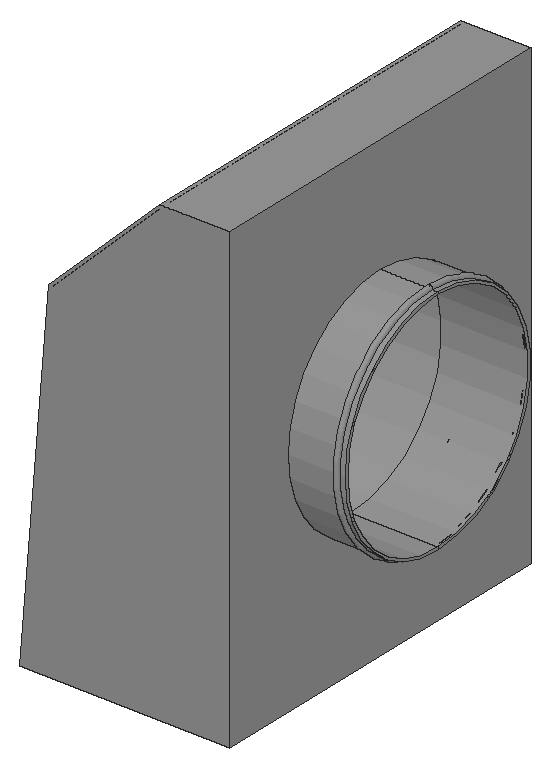
Revit family "ВЦН_ЕС", category Mechanical Equipment, Revit 2021 (continued)
Dimensions and locks
  "B1": cut or joined group 1 (Extrusion 1, Extrusion 2, Extrusion 3, Extrusion 4, Extrusion 5, Extrusion 6, Extrusion 7, Extrusion 8, Extrusion 9, Extrusion 10, Extrusion 11, Extrusion 13, Extrusion 14, Extrusion 15, Extrusion 16, Extrusion 17, Extrusion 18, Extrusion 19, Extrusion 20, Extrusion 21, Extrusion 22, Extrusion 23, Extrusion 24, Extrusion 25, Extrusion 26, Extrusion 27, Extrusion 28, Extrusion 29, Extrusion 30, Extrusion 31, Extrusion 32, Extrusion 33, Extrusion 34, Extrusion 35, Extrusion 36, Extrusion 37, Extrusion 38, Extrusion 39, Extrusion 40, Extrusion 41, Extrusion 42, Extrusion 43, Extrusion 44, Extrusion 45, Extrusion 46, Extrusion 47, Extrusion 48, Extrusion 49, Extrusion 50, Extrusion 51, Extrusion 52, Extrusion 53, Extrusion 54, Extrusion 55, Extrusion 56, Extrusion 57, Extrusion 58, Extrusion 59, Extrusion 60, Extrusion 61, Extrusion 62, Extrusion 63, Extrusion 64, Extrusion 65, Extrusion 66, Extrusion 67, Extrusion 68, Extrusion 69, Extrusion 70, Extrusion 71, Extrusion 72, Extrusion 73, Extrusion 74, Extrusion 75, Extrusion 76, Extrusion 77, Extrusion 78, Extrusion 79, Extrusion 80, Extrusion 81, Extrusion 82, Extrusion 83, Extrusion 85, Extrusion 86, Extrusion 87, Extrusion 88, Extrusion 89, Extrusion 90, Extrusion 91, Extrusion 92, Extrusion 93, Extrusion 94, Extrusion 95, Extrusion 96, Extrusion 97, Extrusion 98, Extrusion 99, Extrusion 100, Extrusion 101, Extrusion 102, Extrusion 103, Extrusion 104, Extrusion 105, Extrusion 106, Extrusion 107, Extrusion 108, Extrusion 109, Extrusion 110, Extrusion 111, Extrusion 112, Extrusion 113, Extrusion 114, Extrusion 115, Extrusion 116, Extrusion 117, Extrusion 118, Extrusion 119, Extrusion 120, Extrusion 121, Extrusion 122, Extrusion 123, Extrusion 124, Extrusion 125, Extrusion 126, Extrusion 127, Extrusion 128, Extrusion 129, Extrusion 130, Extrusion 131, Extrusion 132, Extrusion 133, Extrusion 134, Extrusion 135, Extrusion 136, Extrusion 137, Extrusion 138, Extrusion 139, Extrusion 140, Extrusion 141, Extrusion 142, Extrusion 143, Extrusion 144, Extrusion 145, Extrusion 146, Extrusion 147, Extrusion 148, Extrusion 149, Extrusion 152, Extrusion 153, Extrusion 154, Extrusion 155, Extrusion 156, Extrusion 157, Extrusion 158, Extrusion 159, Extrusion 160, Extrusion 161, Extrusion 162, Extrusion 163, Extrusion 164, Extrusion 165, Extrusion 166, Extrusion 167, Extrusion 168, Extrusion 169, Extrusion 170, Extrusion 171, Extrusion 172, Extrusion 173, Extrusion 174, Extrusion 175, Extrusion 176, Extrusion 177, Extrusion 178, Extrusion 179, Extrusion 180, Extrusion 181, Extrusion 182, Extrusion 183, Extrusion 184, Extrusion 185, Extrusion 186, Extrusion 187, Extrusion 188, Extrusion 189, Extrusion 190, Extrusion 191, Extrusion 192, Extrusion 193, Extrusion 194, Extrusion 195, Extrusion 196, Extrusion 197, Extrusion 198, Extrusion 199) to cut or joined group 1
  equal spacing: group 1, group 2, group 3, group 4, group 5, group 6, group 7, group 8, group 9, group 164, group 165, group 166  (x3)
  equal spacing: group 12, group 13, group 14, group 15, group 16, group 17, group 18, group 19, group 20, group 167, group 168, group 169  (x3)
  equal spacing: group 10, group 21, group 31, group 41, group 51, group 61, group 71, group 81  (x3)
  equal spacing: group 22, group 23, group 24, group 25, group 26, group 27, group 28, group 29, group 30, group 170, group 171, group 172  (x3)
  equal spacing: group 32, group 33, group 34, group 35, group 36, group 37, group 38, group 39, group 40, group 173, group 174, group 175  (x3)
  equal spacing: group 42, group 43, group 44, group 45, group 46, group 47, group 48, group 49, group 50, group 176, group 177, group 178  (x3)
  equal spacing: group 52, group 53, group 54, group 55, group 56, group 57, group 58, group 59, group 60, group 179, group 180, group 181  (x3)
  equal spacing: group 62, group 63, group 64, group 65, group 66, group 67, group 68, group 69, group 70, group 182, group 183, group 184  (x3)
  equal spacing: group 72, group 73, group 74, group 75, group 76, group 77, group 78, group 79, group 80, group 185, group 186, group 187  (x3)
  equal spacing: group 82, group 83, group 84, group 85, group 86, group 87, group 88, group 89  (x3)
  equal spacing: group 92, group 93, group 94, group 95, group 96, group 97, group 98, group 99  (x3)
  equal spacing: group 90, group 100, group 109, group 118, group 127, group 136, group 145, group 154, group 163, group 196, group 205, group 214  (x2)
  equal spacing: group 214, group 205, group 196, group 163, group 154, group 145, group 136, group 127, group 118, group 109, group 100, group 90
  equal spacing: group 101, group 102, group 103, group 104, group 105, group 106, group 107, group 108  (x3)
  equal spacing: group 110, group 111, group 112, group 113, group 114, group 115, group 116, group 117  (x3)
  equal spacing: group 119, group 120, group 121, group 122, group 123, group 124, group 125, group 126  (x3)
  equal spacing: group 128, group 129, group 130, group 131, group 132, group 133, group 134, group 135  (x3)
  equal spacing: group 137, group 138, group 139, group 140, group 141, group 142, group 143, group 144  (x3)
  equal spacing: group 146, group 147, group 148, group 149, group 150, group 151, group 152, group 153  (x3)
  equal spacing: group 155, group 156, group 157, group 158, group 159, group 160, group 161, group 162  (x3)
  "h": plane 6 to level
  locked: Revolve 150 sketch curve to Revolve 150 sketch curve at 2  (x4)
  "R": plane 6 to Revolve 150 sketch curve
  "L2": plane 3 "По центру (Влево/Вправо)" to Revolve 150 sketch curve
  locked: Revolve 150 sketch curve to plane 3 "По центру (Влево/Вправо)" at 50
  locked: plane 3 "По центру (Влево/Вправо)" to Revolve 150 sketch curve at 40
  locked: plane 6 to Revolve 150 sketch curve at 30
  "R1": plane 6 to Revolve 150 sketch curve
  locked: nested 1 to plane 3 "По центру (Влево/Вправо)" at 2
  Revolve 151 sketch curve to Revolve 151 sketch curve = 5 mm
  Revolve 151 sketch curve to plane 3 "По центру (Влево/Вправо)" = 40 mm
  "R": Revolve 151 sketch curve to plane 6
  "b1": nested 1 to plane 1 "По центру (Вперед/Назад)"
  equal spacing: group 188, group 189, group 190, group 191, group 192, group 193, group 194, group 195  (x3)
  equal spacing: group 197, group 198, group 199, group 200, group 201, group 202, group 203, group 204  (x3)
  equal spacing: group 206, group 207, group 208, group 209, group 210, group 211, group 212, group 213  (x3)
  "D": diameter of Extrusion 149 sketch curve
  locked: plane 5 to Extrusion 1 sketch curve (angle 45.00°)
  aligned and locked: level to plane 2
  aligned and locked: plane 6 to Revolve 150 sketch curve
Automatic sketch dimensions
  Extrusion 3 sketch curve to Extrusion 3 sketch curve = 10 mm  (x2)
  Extrusion 4 sketch curve to Extrusion 4 sketch curve = 10 mm  (x2)
  Extrusion 5 sketch curve to Extrusion 5 sketch curve = 10 mm  (x2)
  Extrusion 6 sketch curve to Extrusion 6 sketch curve = 10 mm  (x2)
  Extrusion 7 sketch curve to Extrusion 7 sketch curve = 10 mm  (x2)
  Extrusion 8 sketch curve to Extrusion 8 sketch curve = 10 mm  (x2)
  Extrusion 9 sketch curve to Extrusion 9 sketch curve = 10 mm  (x2)
  Extrusion 10 sketch curve to Extrusion 10 sketch curve = 10 mm  (x2)
  Extrusion 11 sketch curve to Extrusion 11 sketch curve = 10 mm  (x2)
  Extrusion 12 sketch curve to Extrusion 12 sketch curve = 10 mm  (x2)
  Extrusion 13 sketch curve to Extrusion 13 sketch curve = 10 mm  (x2)
  Extrusion 14 sketch curve to Extrusion 14 sketch curve = 10 mm  (x2)
  Extrusion 15 sketch curve to Extrusion 15 sketch curve = 10 mm  (x2)
  Extrusion 16 sketch curve to Extrusion 16 sketch curve = 10 mm  (x2)
  Extrusion 17 sketch curve to Extrusion 17 sketch curve = 10 mm  (x2)
  Extrusion 18 sketch curve to Extrusion 18 sketch curve = 10 mm  (x2)
  Extrusion 19 sketch curve to Extrusion 19 sketch curve = 10 mm  (x2)
  Extrusion 20 sketch curve to Extrusion 20 sketch curve = 10 mm  (x2)
  Extrusion 21 sketch curve to Extrusion 21 sketch curve = 10 mm  (x2)
  Extrusion 22 sketch curve to Extrusion 22 sketch curve = 10 mm  (x2)
  Extrusion 23 sketch curve to Extrusion 23 sketch curve = 10 mm  (x2)
  Extrusion 24 sketch curve to Extrusion 24 sketch curve = 10 mm  (x2)
  Extrusion 25 sketch curve to Extrusion 25 sketch curve = 10 mm  (x2)
  Extrusion 26 sketch curve to Extrusion 26 sketch curve = 10 mm  (x2)
  Extrusion 27 sketch curve to Extrusion 27 sketch curve = 10 mm  (x2)
  Extrusion 28 sketch curve to Extrusion 28 sketch curve = 10 mm  (x2)
  Extrusion 29 sketch curve to Extrusion 29 sketch curve = 10 mm  (x2)
  Extrusion 30 sketch curve to Extrusion 30 sketch curve = 10 mm  (x2)
  Extrusion 31 sketch curve to Extrusion 31 sketch curve = 10 mm  (x2)
  Extrusion 32 sketch curve to Extrusion 32 sketch curve = 10 mm  (x2)
  Extrusion 33 sketch curve to Extrusion 33 sketch curve = 10 mm  (x2)
  Extrusion 34 sketch curve to Extrusion 34 sketch curve = 10 mm  (x2)
  Extrusion 35 sketch curve to Extrusion 35 sketch curve = 10 mm  (x2)
  Extrusion 36 sketch curve to Extrusion 36 sketch curve = 10 mm  (x2)
  Extrusion 37 sketch curve to Extrusion 37 sketch curve = 10 mm  (x2)
  Extrusion 38 sketch curve to Extrusion 38 sketch curve = 10 mm  (x2)
  Extrusion 39 sketch curve to Extrusion 39 sketch curve = 10 mm  (x2)
  Extrusion 40 sketch curve to Extrusion 40 sketch curve = 10 mm  (x2)
  Extrusion 41 sketch curve to Extrusion 41 sketch curve = 10 mm  (x2)
  Extrusion 42 sketch curve to Extrusion 42 sketch curve = 10 mm  (x2)
  Extrusion 43 sketch curve to Extrusion 43 sketch curve = 10 mm  (x2)
  Extrusion 44 sketch curve to Extrusion 44 sketch curve = 10 mm  (x2)
  Extrusion 45 sketch curve to Extrusion 45 sketch curve = 10 mm  (x2)
  Extrusion 46 sketch curve to Extrusion 46 sketch curve = 10 mm  (x2)
  Extrusion 47 sketch curve to Extrusion 47 sketch curve = 10 mm  (x2)
  Extrusion 48 sketch curve to Extrusion 48 sketch curve = 10 mm  (x2)
  Extrusion 49 sketch curve to Extrusion 49 sketch curve = 10 mm  (x2)
  Extrusion 50 sketch curve to Extrusion 50 sketch curve = 10 mm  (x2)
  Extrusion 51 sketch curve to Extrusion 51 sketch curve = 10 mm  (x2)
  Extrusion 52 sketch curve to Extrusion 52 sketch curve = 10 mm  (x2)
  Extrusion 53 sketch curve to Extrusion 53 sketch curve = 10 mm  (x2)
  Extrusion 54 sketch curve to Extrusion 54 sketch curve = 10 mm  (x2)
  Extrusion 55 sketch curve to Extrusion 55 sketch curve = 10 mm  (x2)
  Extrusion 56 sketch curve to Extrusion 56 sketch curve = 10 mm  (x2)
  Extrusion 57 sketch curve to Extrusion 57 sketch curve = 10 mm  (x2)
  Extrusion 58 sketch curve to Extrusion 58 sketch curve = 10 mm  (x2)
  Extrusion 59 sketch curve to Extrusion 59 sketch curve = 10 mm  (x2)
  Extrusion 60 sketch curve to Extrusion 60 sketch curve = 10 mm  (x2)
  Extrusion 61 sketch curve to Extrusion 61 sketch curve = 10 mm  (x2)
  Extrusion 62 sketch curve to Extrusion 62 sketch curve = 10 mm  (x2)
  Extrusion 63 sketch curve to Extrusion 63 sketch curve = 10 mm  (x2)
  Extrusion 64 sketch curve to Extrusion 64 sketch curve = 10 mm  (x2)
  Extrusion 65 sketch curve to Extrusion 65 sketch curve = 10 mm  (x2)
  Extrusion 66 sketch curve to Extrusion 66 sketch curve = 10 mm  (x2)
  Extrusion 67 sketch curve to Extrusion 67 sketch curve = 10 mm  (x2)
  Extrusion 68 sketch curve to Extrusion 68 sketch curve = 10 mm  (x2)
  Extrusion 69 sketch curve to Extrusion 69 sketch curve = 10 mm  (x2)
  Extrusion 70 sketch curve to Extrusion 70 sketch curve = 10 mm  (x2)
  Extrusion 71 sketch curve to Extrusion 71 sketch curve = 10 mm  (x2)
  Extrusion 72 sketch curve to Extrusion 72 sketch curve = 10 mm  (x2)
  Extrusion 73 sketch curve to Extrusion 73 sketch curve = 10 mm  (x2)
  Extrusion 74 sketch curve to Extrusion 74 sketch curve = 10 mm  (x2)
  Extrusion 75 sketch curve to Extrusion 75 sketch curve = 10 mm  (x2)
  Extrusion 76 sketch curve to Extrusion 76 sketch curve = 10 mm  (x2)
  Extrusion 77 sketch curve to Extrusion 77 sketch curve = 10 mm  (x2)
  Extrusion 78 sketch curve to Extrusion 78 sketch curve = 10 mm  (x2)
  Extrusion 79 sketch curve to Extrusion 79 sketch curve = 10 mm  (x2)
  Extrusion 80 sketch curve to Extrusion 80 sketch curve = 10 mm  (x2)
  Extrusion 81 sketch curve to Extrusion 81 sketch curve = 10 mm  (x2)
  Extrusion 82 sketch curve to Extrusion 82 sketch curve = 10 mm  (x2)
  Extrusion 83 sketch curve to Extrusion 83 sketch curve = 10 mm  (x2)
  Extrusion 84 sketch curve to Extrusion 84 sketch curve = 10 mm  (x2)
  Extrusion 85 sketch curve to Extrusion 85 sketch curve = 10 mm  (x2)
  Extrusion 86 sketch curve to Extrusion 86 sketch curve = 10 mm  (x2)
  Extrusion 87 sketch curve to Extrusion 87 sketch curve = 10 mm  (x2)
  Extrusion 88 sketch curve to Extrusion 88 sketch curve = 10 mm  (x2)
  Extrusion 89 sketch curve to Extrusion 89 sketch curve = 10 mm  (x2)
  Extrusion 90 sketch curve to Extrusion 90 sketch curve = 10 mm  (x2)
  Extrusion 91 sketch curve to Extrusion 91 sketch curve = 10 mm  (x2)
  Extrusion 92 sketch curve to Extrusion 92 sketch curve = 10 mm  (x2)
  Extrusion 93 sketch curve to Extrusion 93 sketch curve = 10 mm  (x2)
  Extrusion 94 sketch curve to Extrusion 94 sketch curve = 10 mm  (x2)
  Extrusion 95 sketch curve to Extrusion 95 sketch curve = 10 mm  (x2)
  Extrusion 96 sketch curve to Extrusion 96 sketch curve = 10 mm  (x2)
  Extrusion 97 sketch curve to Extrusion 97 sketch curve = 10 mm  (x2)
  Extrusion 98 sketch curve to Extrusion 98 sketch curve = 10 mm  (x2)
  Extrusion 99 sketch curve to Extrusion 99 sketch curve = 10 mm  (x2)
  Extrusion 100 sketch curve to Extrusion 100 sketch curve = 10 mm  (x2)
  Extrusion 101 sketch curve to Extrusion 101 sketch curve = 10 mm  (x2)
  Extrusion 102 sketch curve to Extrusion 102 sketch curve = 10 mm  (x2)
  Extrusion 103 sketch curve to Extrusion 103 sketch curve = 10 mm  (x2)
  Extrusion 104 sketch curve to Extrusion 104 sketch curve = 10 mm  (x2)
  Extrusion 105 sketch curve to Extrusion 105 sketch curve = 10 mm  (x2)
  Extrusion 106 sketch curve to Extrusion 106 sketch curve = 10 mm  (x2)
  Extrusion 107 sketch curve to Extrusion 107 sketch curve = 10 mm  (x2)
  Extrusion 108 sketch curve to Extrusion 108 sketch curve = 10 mm  (x2)
  Extrusion 109 sketch curve to Extrusion 109 sketch curve = 10 mm  (x2)
  Extrusion 110 sketch curve to Extrusion 110 sketch curve = 10 mm  (x2)
  Extrusion 111 sketch curve to Extrusion 111 sketch curve = 10 mm  (x2)
  Extrusion 112 sketch curve to Extrusion 112 sketch curve = 10 mm  (x2)
  Extrusion 113 sketch curve to Extrusion 113 sketch curve = 10 mm  (x2)
  Extrusion 114 sketch curve to Extrusion 114 sketch curve = 10 mm  (x2)
  Extrusion 115 sketch curve to Extrusion 115 sketch curve = 10 mm  (x2)
  Extrusion 116 sketch curve to Extrusion 116 sketch curve = 10 mm  (x2)
  Extrusion 117 sketch curve to Extrusion 117 sketch curve = 10 mm  (x2)
  Extrusion 118 sketch curve to Extrusion 118 sketch curve = 10 mm  (x2)
  Extrusion 119 sketch curve to Extrusion 119 sketch curve = 10 mm  (x2)
  Extrusion 120 sketch curve to Extrusion 120 sketch curve = 10 mm  (x2)
  Extrusion 121 sketch curve to Extrusion 121 sketch curve = 10 mm  (x2)
  Extrusion 122 sketch curve to Extrusion 122 sketch curve = 10 mm  (x2)
  Extrusion 123 sketch curve to Extrusion 123 sketch curve = 10 mm  (x2)
  Extrusion 124 sketch curve to Extrusion 124 sketch curve = 10 mm  (x2)
  Extrusion 125 sketch curve to Extrusion 125 sketch curve = 10 mm  (x2)
  Extrusion 126 sketch curve to Extrusion 126 sketch curve = 10 mm  (x2)
  Extrusion 127 sketch curve to Extrusion 127 sketch curve = 10 mm  (x2)
  Extrusion 128 sketch curve to Extrusion 128 sketch curve = 10 mm  (x2)
  Extrusion 129 sketch curve to Extrusion 129 sketch curve = 10 mm  (x2)
  Extrusion 130 sketch curve to Extrusion 130 sketch curve = 10 mm  (x2)
  Extrusion 131 sketch curve to Extrusion 131 sketch curve = 10 mm  (x2)
  Extrusion 132 sketch curve to Extrusion 132 sketch curve = 10 mm  (x2)
  Extrusion 133 sketch curve to Extrusion 133 sketch curve = 10 mm  (x2)
  Extrusion 134 sketch curve to Extrusion 134 sketch curve = 10 mm  (x2)
  Extrusion 135 sketch curve to Extrusion 135 sketch curve = 10 mm  (x2)
  Extrusion 136 sketch curve to Extrusion 136 sketch curve = 10 mm  (x2)
  Extrusion 137 sketch curve to Extrusion 137 sketch curve = 10 mm  (x2)
  Extrusion 138 sketch curve to Extrusion 138 sketch curve = 10 mm  (x2)
  Extrusion 139 sketch curve to Extrusion 139 sketch curve = 10 mm  (x2)
  Extrusion 140 sketch curve to Extrusion 140 sketch curve = 10 mm  (x2)
  Extrusion 141 sketch curve to Extrusion 141 sketch curve = 10 mm  (x2)
  Extrusion 142 sketch curve to Extrusion 142 sketch curve = 10 mm  (x2)
  Extrusion 143 sketch curve to Extrusion 143 sketch curve = 10 mm  (x2)
  Extrusion 144 sketch curve to Extrusion 144 sketch curve = 10 mm  (x2)
  Extrusion 145 sketch curve to Extrusion 145 sketch curve = 10 mm  (x2)
  Extrusion 146 sketch curve to Extrusion 146 sketch curve = 10 mm  (x2)
  Extrusion 147 sketch curve to Extrusion 147 sketch curve = 10 mm  (x2)
  Extrusion 148 sketch curve to Extrusion 148 sketch curve = 10 mm  (x2)
  Extrusion 152 sketch curve to Extrusion 152 sketch curve = 10 mm  (x2)
  Extrusion 153 sketch curve to Extrusion 153 sketch curve = 10 mm  (x2)
  Extrusion 154 sketch curve to Extrusion 154 sketch curve = 10 mm  (x2)
  Extrusion 155 sketch curve to Extrusion 155 sketch curve = 10 mm  (x2)
  Extrusion 156 sketch curve to Extrusion 156 sketch curve = 10 mm  (x2)
  Extrusion 157 sketch curve to Extrusion 157 sketch curve = 10 mm  (x2)
  Extrusion 158 sketch curve to Extrusion 158 sketch curve = 10 mm  (x2)
  Extrusion 159 sketch curve to Extrusion 159 sketch curve = 10 mm  (x2)
  Extrusion 160 sketch curve to Extrusion 160 sketch curve = 10 mm  (x2)
  Extrusion 161 sketch curve to Extrusion 161 sketch curve = 10 mm  (x2)
  Extrusion 162 sketch curve to Extrusion 162 sketch curve = 10 mm  (x2)
  Extrusion 163 sketch curve to Extrusion 163 sketch curve = 10 mm  (x2)
  Extrusion 164 sketch curve to Extrusion 164 sketch curve = 10 mm  (x2)
  Extrusion 165 sketch curve to Extrusion 165 sketch curve = 10 mm  (x2)
  Extrusion 166 sketch curve to Extrusion 166 sketch curve = 10 mm  (x2)
  Extrusion 167 sketch curve to Extrusion 167 sketch curve = 10 mm  (x2)
  Extrusion 168 sketch curve to Extrusion 168 sketch curve = 10 mm  (x2)
  Extrusion 169 sketch curve to Extrusion 169 sketch curve = 10 mm  (x2)
  Extrusion 170 sketch curve to Extrusion 170 sketch curve = 10 mm  (x2)
  Extrusion 171 sketch curve to Extrusion 171 sketch curve = 10 mm  (x2)
  Extrusion 172 sketch curve to Extrusion 172 sketch curve = 10 mm  (x2)
  Extrusion 173 sketch curve to Extrusion 173 sketch curve = 10 mm  (x2)
  Extrusion 174 sketch curve to Extrusion 174 sketch curve = 10 mm  (x2)
  Extrusion 175 sketch curve to Extrusion 175 sketch curve = 10 mm  (x2)
  Extrusion 176 sketch curve to Extrusion 176 sketch curve = 10 mm  (x2)
  Extrusion 177 sketch curve to Extrusion 177 sketch curve = 10 mm  (x2)
  Extrusion 178 sketch curve to Extrusion 178 sketch curve = 10 mm  (x2)
  Extrusion 179 sketch curve to Extrusion 179 sketch curve = 10 mm  (x2)
  Extrusion 180 sketch curve to Extrusion 180 sketch curve = 10 mm  (x2)
  Extrusion 181 sketch curve to Extrusion 181 sketch curve = 10 mm  (x2)
  Extrusion 182 sketch curve to Extrusion 182 sketch curve = 10 mm  (x2)
  Extrusion 183 sketch curve to Extrusion 183 sketch curve = 10 mm  (x2)
  Extrusion 184 sketch curve to Extrusion 184 sketch curve = 10 mm  (x2)
  Extrusion 185 sketch curve to Extrusion 185 sketch curve = 10 mm  (x2)
  Extrusion 186 sketch curve to Extrusion 186 sketch curve = 10 mm  (x2)
  Extrusion 187 sketch curve to Extrusion 187 sketch curve = 10 mm  (x2)
  Extrusion 188 sketch curve to Extrusion 188 sketch curve = 10 mm  (x2)
  Extrusion 189 sketch curve to Extrusion 189 sketch curve = 10 mm  (x2)
  Extrusion 190 sketch curve to Extrusion 190 sketch curve = 10 mm  (x2)
  Extrusion 191 sketch curve to Extrusion 191 sketch curve = 10 mm  (x2)
  Extrusion 192 sketch curve to Extrusion 192 sketch curve = 10 mm  (x2)
  Extrusion 193 sketch curve to Extrusion 193 sketch curve = 10 mm  (x2)
  Extrusion 194 sketch curve to Extrusion 194 sketch curve = 10 mm  (x2)
  Extrusion 195 sketch curve to Extrusion 195 sketch curve = 10 mm  (x2)
  Extrusion 196 sketch curve to Extrusion 196 sketch curve = 10 mm  (x2)
  Extrusion 197 sketch curve to Extrusion 197 sketch curve = 10 mm  (x2)
  Extrusion 198 sketch curve to Extrusion 198 sketch curve = 10 mm  (x2)
  Extrusion 199 sketch curve to Extrusion 199 sketch curve = 10 mm  (x2)
  Extrusion 1 sketch curve to level = 0 mm
  Extrusion 1 sketch curve to plane 4 = 0 mm
  Extrusion 1 sketch curve to plane 5 = 0 mm
  Extrusion 1 sketch curve to plane 3 "По центру (Влево/Вправо)" = 0 mm
  plane 4 to Extrusion 1 sketch curve = 25.216 mm
  Extrusion 149 sketch curve to plane 1 "По центру (Вперед/Назад)" = 0 mm
  Extrusion 149 sketch curve to plane 6 = 0 mm
  Revolve 150 sketch curve to plane 6 = 0 mm
  Revolve 150 sketch curve to Revolve 150 sketch curve = 11.766 mm
  Revolve 150 sketch curve to plane 3 "По центру (Влево/Вправо)" = 25.14 mm
  Revolve 150 sketch curve to Revolve 150 sketch curve = 15.14 mm
  Revolve 150 sketch curve to Revolve 150 sketch curve = 14.86 mm
  Revolve 151 sketch curve to plane 6 = 0 mm
  plane 3 "По центру (Влево/Вправо)" to Revolve 151 sketch curve = 30 mm
  Revolve 151 sketch curve to Revolve 151 sketch curve = 15 mm
Nested families
  nested 1: "Клемная коробка" at (-2, -117, 354.5) x (0, 1, 0) z (-1, 0, 0), type "75х75"
Connectors
  electrical at (-27, -75.5, 354.5), driven by "Напруга", driven by "Установлена потужність"
    settings: on nested 1, index 1, voltage 230 V, apparent load 197.8 VA, apparent load phase1 0 VA, apparent load phase2 0 VA, apparent load phase3 0 VA, power factor 1, load classification "Двигатель", number of poles 1, system type 30, power factor state 1, is connector primary yes, connector utility no, sub classification motor no, connector description ""
  hvac at (50, 0, 200), driven by "D"
    settings: on Revolve 150, index 2, duct flow 0.0 m³/h, flow factor 0, pres drop 0.0 Pa, loss coef 0, conn angle 0.00°, conn width 304.8 mm, conn height 304.8 mm, conn diameter 200 mm, duct sys type 3, conn prof type 0, flow config 0, flow direction 1, loss method 0, conn ref index -1, conn util no, is conn primary yes, conn desc ""
Definition of nested family "Клемная коробка"
  Parameters (values of type "75х75")
    Ш1 = Ш / 2 - 15 mm  # 22.5 mm
    Ш = 75 mm
    Default Elevation = 0 mm
    Л = Д / 4  # 18.75 mm
    Д1 = Д / 2 - 15 mm  # 22.5 mm
    Д = 75 mm
    h = H / 2  # 25 mm
    H = 50 mm
  Reference planes
    plane 1 "По центру (Вперед/Назад)": y = 0
    plane 2: z = 0
    plane 3 "По центру (Влево/Вправо)": x = 0
  Forms (mm)
    Extrusion 1, solid
      sketch origin (0, 0, 0) x (1, 0, 0) y (0, 1, 0)
        loop
          line (-37.5, 37.5) -> (-37.5, -37.5) -> (37.5, -37.5) -> (37.5, 37.5) -> (-37.5, 37.5)
      from 0 to 50 <- "H"
    Sweep 2, void
      path in 3D
        loop
          line (-37.5, 37.5, 50) -> (-37.5, -37.5, 50) -> (37.5, -37.5, 50) -> (37.5, 37.5, 50) -> (-37.5, 37.5, 50)
      profile origin (0, 37.5, 50) x (0, -1, 0) y (0, 0, 1)
        loop
          line (5, 0) -> (0, 0) -> (0, -5)
          arc (0, -5) -> (1.464, -1.464) -> (5, 0) r 5
    Extrusion 3, void
      sketch origin (0, 0, 0) x (0, 1, 0) y (0, 0, 1)
        loop
          circle (0, 25) r 10
      from -37.5 to -32.5
    Extrusion 4, void
      sketch origin (0, 0, 0) x (0, 1, 0) y (0, 0, 1)
        loop
          circle (0, 25) r 10
      from 32.5 to 37.5
    Extrusion 5, void
      sketch origin (0, 0, 0) x (1, 0, 0) y (0, 0, 1)
        loop
          circle (18.75, 25) r 10
        loop
          circle (-18.75, 25) r 10
      from 32.5 to 37.5
    Extrusion 6, void
      sketch origin (0, 0, 0) x (1, 0, 0) y (0, 0, 1)
        loop
          circle (18.75, 25) r 10
        loop
          circle (-18.75, 25) r 10
      from -37.5 to -32.5
  Cuts and joins
    Sweep 2, Extrusion 3, Extrusion 4, Extrusion 5, Extrusion 6 cuts Extrusion 1
  Lines and regions (mm)
    sketch lines
      curve 1: line (37.5, 37.5, 50) -> (-37.5, 37.5, 50)
      curve 2: line (37.5, -37.5, 50) -> (37.5, 37.5, 50)
      curve 3: line (-37.5, -37.5, 50) -> (37.5, -37.5, 50)
      curve 4: line (-37.5, 37.5, 50) -> (-37.5, -37.5, 50)
  Dimensions and locks
    "Д": Extrusion 1 sketch curve to Extrusion 1 sketch curve
    "Ш": Extrusion 1 sketch curve to Extrusion 1 sketch curve
    equal spacing: Extrusion 1 sketch curve, plane 3 "По центру (Влево/Вправо)", Extrusion 1 sketch curve
    equal spacing: Extrusion 1 sketch curve, plane 1 "По центру (Вперед/Назад)", Extrusion 1 sketch curve
    "Д1": nested 2 to plane 3 "По центру (Влево/Вправо)"
    "Д1": plane 3 "По центру (Влево/Вправо)" to nested 1
    "Д1": nested 4 to plane 3 "По центру (Влево/Вправо)"
    "Д1": plane 3 "По центру (Влево/Вправо)" to nested 3
    "Ш1": nested 3 to plane 1 "По центру (Вперед/Назад)"
    "Ш1": plane 1 "По центру (Вперед/Назад)" to nested 1
    "Ш1": nested 4 to plane 1 "По центру (Вперед/Назад)"
    "Ш1": plane 1 "По центру (Вперед/Назад)" to nested 2
    "h": Extrusion 3 sketch curve to level
    "h": Extrusion 4 sketch curve to level
    "h": level to Extrusion 5 sketch curve  (x2)
    "Л": plane 3 "По центру (Влево/Вправо)" to Extrusion 5 sketch curve
    "Л": Extrusion 5 sketch curve to plane 3 "По центру (Влево/Вправо)"
    "h": level to Extrusion 6 sketch curve  (x2)
    "Л": Extrusion 6 sketch curve to plane 3 "По центру (Влево/Вправо)"
    "Л": plane 3 "По центру (Влево/Вправо)" to Extrusion 6 sketch curve
    "h": level to nested 5
    "h": level to nested 6
    "Л": nested 8 to plane 3 "По центру (Влево/Вправо)"
    "Л": nested 7 to plane 3 "По центру (Влево/Вправо)"
    "Л": plane 3 "По центру (Влево/Вправо)" to nested 9
    "Л": plane 3 "По центру (Влево/Вправо)" to nested 10
    radius of Extrusion 6 sketch curve = 10 mm
    aligned and locked: level to plane 2
    aligned and locked: Extrusion 1 to Extrusion 3
    aligned and locked: Sweep 2 to Extrusion 3
    aligned and locked: Extrusion 1 to Extrusion 4
    aligned and locked: Sweep 2 to Extrusion 4
    aligned and locked: Extrusion 1 to Extrusion 5
    aligned and locked: Sweep 2 to Extrusion 5
    aligned and locked: Extrusion 1 to Extrusion 6
    aligned and locked: Extrusion 6 to Sweep 2
    aligned and locked: plane 1 "По центру (Вперед/Назад)" to nested 5
    aligned and locked: nested 5 to cut or joined group of Extrusion 1, Sweep 2, Extrusion 3, Extrusion 4, Extrusion 5, Extrusion 6
    aligned and locked: nested 6 to plane 1 "По центру (Вперед/Назад)"
    aligned and locked: cut or joined group of Extrusion 1, Sweep 2, Extrusion 3, Extrusion 4, Extrusion 5, Extrusion 6 to nested 6
    aligned and locked: cut or joined group of Extrusion 1, Sweep 2, Extrusion 3, Extrusion 4, Extrusion 5, Extrusion 6 to nested 7
    aligned and locked: nested 8 to cut or joined group of Extrusion 1, Sweep 2, Extrusion 3, Extrusion 4, Extrusion 5, Extrusion 6
    aligned and locked: cut or joined group of Extrusion 1, Sweep 2, Extrusion 3, Extrusion 4, Extrusion 5, Extrusion 6 to nested 10
    aligned and locked: plane 3 "По центру (Влево/Вправо)" to nested 11
  Automatic sketch dimensions
    Sweep 2 sketch curve to profile plane = 0 mm  (x2)
    Sweep 2 sketch curve to profile plane = 5 mm
    Extrusion 3 sketch curve to plane 1 "По центру (Вперед/Назад)" = 0 mm
    Extrusion 4 sketch curve to plane 1 "По центру (Вперед/Назад)" = 0 mm
    radius of Extrusion 3 sketch curve = 10 mm
    radius of Extrusion 4 sketch curve = 10 mm
    radius of Extrusion 5 sketch curve = 10 mm  (x2)
    radius of Extrusion 6 sketch curve = 10 mm
  Nested families
    nested 1: "Винт" at (22.5, 22.5, 50), built-in parameter 1001364 <- "H", type "Винт"
    nested 2: "Винт" at (-22.5, 22.5, 50), built-in parameter 1001364 <- "H", type "Винт"
    nested 3: "Винт" at (22.5, -22.5, 50), built-in parameter 1001364 <- "H", type "Винт"
    nested 4: "Винт" at (-22.5, -22.5, 50), built-in parameter 1001364 <- "H", type "Винт"
    nested 5: "Заглушка" at (33.5, 0, 25) x (0, 0, -1) z (1, 0, 0), built-in parameter 1001360 <- "h", type "Заглушка"
    nested 6: "Заглушка" at (-33.5, 0, 25) x (0, 0, -1) z (-1, 0, 0), built-in parameter 1001360 <- "h", type "Заглушка"
    nested 7: "Заглушка" at (-18.75, 33.5, 25) x (0, 0, -1) z (0, 1, 0), built-in parameter 1001360 <- "h", type "Заглушка"
    nested 8: "Заглушка" at (-18.75, -33.5, 25) x (0, 0, -1) z (0, -1, 0), built-in parameter 1001360 <- "h", type "Заглушка"
    nested 9: "Заглушка" at (18.75, 33.5, 25) x (0, 0, -1) z (0, 1, 0), built-in parameter 1001360 <- "h", type "Заглушка"
    nested 10: "Заглушка" at (18.75, -33.5, 25) x (0, 0, -1) z (0, -1, 0), built-in parameter 1001360 <- "h", type "Заглушка"
    nested 11: "Электрика" at (0, 3.125, 50), built-in parameter 1001360 <- "H", type "Электрика"
  Definition of nested family "Винт"
    Parameters (values of type "Винт")
      Default Elevation = 0 mm
    Reference planes
      plane 1 "По центру (Вперед/Назад)": y = 0
      plane 2: z = 0
      plane 3 "По центру (Влево/Вправо)": x = 0
    Forms (mm)
      Revolve 1, solid
        sketch origin (0, 0, 0) x (1, 0, 0) y (0, 0, 1)
          loop
            line (0, -20) -> (2.5, -20) -> (2.5, 0) -> (5, 0) -> (5, 0.988)
            arc (5, 0.988) -> (2.589, 1.966) -> (0, 2.235) r 9.254
            line (0, 2.235) -> (0, -20)
          axis (0, 2.235) -> (0, -20)
        angle from 0 to 360
      Extrusion 2, void
        sketch origin (0, -0.137, 0) x (1, 0, 0) y (0, 1, 0)
          loop
            line (-0.439, -5.142) -> (0.455, -5.142) -> (0.455, -0.343) -> (5.265, -0.343) -> (5.265, 0.594) -> (0.455, 0.594) -> (0.455, 5.38) -> (-0.439, 5.38) -> (-0.439, 0.594) -> (-5.291, 0.594) -> (-5.291, -0.343) -> (-0.439, -0.343) -> (-0.439, -5.142)
        from 0.988 to 3.071
    Cuts and joins
      Extrusion 2 cuts Revolve 1
    Dimensions and locks
      aligned and locked: level to plane 2
      aligned and locked: Extrusion 2 to Revolve 1
  Definition of nested family "Заглушка"
    Parameters (values of type "Заглушка")
      Default Elevation = 0 mm
    Reference planes
      plane 1 "По центру (Вперед/Назад)": y = 0
      plane 2: z = 0
      plane 3 "По центру (Влево/Вправо)": x = 0
    Forms (mm)
      Extrusion 1, solid
        sketch origin (0, 0, 0) x (1, 0, 0) y (0, 1, 0)
          loop
            circle (0, 0) r 12
        from 4 to 5
      Extrusion 2, solid
        sketch origin (0, 0, 0) x (1, 0, 0) y (0, 1, 0)
          loop
            circle (0, 0) r 10
        from 5 to 6
      Extrusion 3, solid
        sketch origin (0, 0, 0) x (1, 0, 0) y (0, 1, 0)
          loop
            circle (0, 0) r 8
        from 6 to 7
      Extrusion 4, solid
        sketch origin (0, 0, 0) x (1, 0, 0) y (0, 1, 0)
          loop
            circle (0, 0) r 6
        from 7 to 8
      Extrusion 5, solid
        sketch origin (0, 0, 0) x (1, 0, 0) y (0, 1, 0)
          loop
            circle (0, 0) r 4
        from 8 to 9
      Extrusion 6, solid
        sketch origin (0, 0, 0) x (1, 0, 0) y (0, 1, 0)
          loop
            circle (0, 0) r 2
        from 9 to 10
    Dimensions and locks
      aligned and locked: level to plane 2
  Definition of nested family "Электрика"
    Parameters (values of type "Электрика")
      Default Elevation = 0 mm
    Reference planes
      plane 1 "По центру (Вперед/Назад)": y = 0
      plane 2: z = 0
      plane 3 "По центру (Влево/Вправо)": x = 0
    Forms (mm)
      Extrusion 1, solid
        sketch origin (0, -20.999, 0) x (1, 0, 0) y (0, 1, 0)
          loop
            line (0, 0.664) -> (18.543, 0.664)
            arc (18.543, 0.664) -> (21.349, 1.985) -> (22.119, 4.99) r 3.641
            line (22.119, 4.99) -> (2.806, 38.44)
            arc (2.806, 38.44) -> (0, 39.762) -> (-2.806, 38.44) r 3.641
            line (-2.806, 38.44) -> (-22.119, 4.99)
            arc (-22.119, 4.99) -> (-21.349, 1.985) -> (-18.543, 0.664) r 3.641
            line (-18.543, 0.664) -> (0, 0.664)
          loop
            arc (-20.055, 4.565) -> (-19.717, 3.245) -> (-18.484, 2.664) r 1.6
            line (-18.484, 2.664) -> (18.396, 2.664)
            arc (18.396, 2.664) -> (19.729, 3.379) -> (19.87, 4.885) r 1.6
            line (19.87, 4.885) -> (1.2, 37.223)
            arc (1.2, 37.223) -> (0.104, 37.807) -> (-1.079, 37.432) r 1.6
            line (-1.079, 37.432) -> (-20.055, 4.565)
        from 0 to 1
      Extrusion 2, solid
        sketch origin (0, -20.999, 0) x (1, 0, 0) y (0, 1, 0)
          loop
            line (1.519, 30.846) -> (-2.718, 30.846) -> (-7.387, 14.53) -> (2.226, 19.012) -> (-1.819, 8.947) -> (-2.667, 9.352) -> (-2.823, 5.949) -> (-0.273, 8.208) -> (-1.096, 8.601) -> (5.366, 22.132) -> (-4.385, 17.585) -> (1.519, 30.846)
        from 0 to 1
      Extrusion 3, solid
        sketch origin (0, -20.999, 0) x (1, 0, 0) y (0, 1, 0)
          loop
            line (-1.079, 37.432) -> (-20.055, 4.565)
            arc (-20.055, 4.565) -> (-19.717, 3.245) -> (-18.484, 2.664) r 1.6
            line (-18.484, 2.664) -> (18.396, 2.664)
            arc (18.396, 2.664) -> (19.781, 3.464) -> (19.781, 5.064) r 1.6
            line (19.781, 5.064) -> (1.296, 37.092)
            arc (1.296, 37.092) -> (0.185, 37.798) -> (-1.079, 37.432) r 1.6
        from 0 to 0.9
    Dimensions and locks
      aligned and locked: level to plane 2
Types (17, lengths in mm): name | Ширина | Установлена потужність | Температура повітря, що переміщається | Струм | Рівень звукового тиску на відстані 3 м | Потужність | Максимальний потік повітря | Діаметр | Довжина | Горизонт | Висота | Вертикаль | Вага | h | b1 | URL | R3 | R1 | R | L2 | L1 | L | H | D | B1 | B | 00_20_Тип
  (no name) | 181.4 | 197.8 VA | "-25...+40 °C" | 0.86 A | "58 дБА" | 102 W | 755.0 m³/h | 200 | 325 | 8 | 400 | 12 | 5.30 kg | 200 | 160.5 | "https://vents.ua/ua/product/vcn-100-ec#description" | 101.5 | 130 | 100 | 120.933 | 60.467 | 181.4 | 400 | 200 | 321 | 325 | "ВЦН 200 ЕС С"
  ВЦН 100 | 138 | 71.3 VA | "55 °C" | 0.31 A | "54 дБА" | 71 W | 325.0 m³/h | 100 | 260 | 9 | 355 | 10 | 3.82 kg | 177.5 | 128 | "https://vents.ua/ua/series/vcn#description" | 51.5 | 65 | 50 | 92 | 46 | 138 | 355 | 100 | 256 | 260 | "ВЦН 100"
  ВЦН 200 | 138.2 | 96.6 VA | "55 °C" | 0.42 A | "62 дБА" | 96 W | 700.0 m³/h | 200 | 300 | 9 | 400 | 11 | 4.62 kg | 200 | 148 | "https://vents.ua/ua/series/vcn#description" | 101.5 | 130 | 100 | 92.133 | 46.067 | 138.2 | 400 | 200 | 296 | 300 | "ВЦН 200"
  ВЦН 125 | 138 | 75.9 VA | "55 °C" | 0.33 A | "54 дБА" | 75 W | 485.0 m³/h | 125 | 260 | 9 | 355 | 10 | 3.82 kg | 177.5 | 128 | "https://vents.ua/ua/series/vcn#description" | 64 | 81.25 | 62.5 | 92 | 46 | 138 | 355 | 125 | 256 | 260 | "ВЦН 125"
  ВЦН 150 | 138.2 | 96.6 VA | "55 °C" | 0.42 A | "58 дБА" | 96 W | 630.0 m³/h | 150 | 300 | 9 | 400 | 11 | 4.53 kg | 200 | 148 | "https://vents.ua/ua/series/vcn#description" | 76.5 | 97.5 | 75 | 92.133 | 46.067 | 138.2 | 400 | 150 | 296 | 300 | "ВЦН 150"
  ВЦН 160 | 138.2 | 94.3 VA | "55 °C" | 0.41 A | "60 дБА" | 95 W | 650.0 m³/h | 160 | 300 | 9 | 400 | 11 | 4.53 kg | 200 | 148 | "https://vents.ua/ua/series/vcn#description" | 81.5 | 104 | 80 | 92.133 | 46.067 | 138.2 | 400 | 160 | 296 | 300 | "ВЦН 160"
  ВЦН 200 К | 138.2 | 96.6 VA | "55 °C" | 0.42 A | "62 дБА" | 96 W | 640.0 m³/h | 200 | 300 | 9 | 400 | 11 | 4.62 kg | 200 | 148 | "https://vents.ua/ua/series/vcn#description" | 101.5 | 130 | 100 | 92.133 | 46.067 | 138.2 | 400 | 200 | 296 | 300 | "ВЦН 200 К"
  ВЦН 160 К | 138.2 | 94.3 VA | "55 °C" | 0.41 A | "60 дБА" | 95 W | 590.0 m³/h | 160 | 300 | 9 | 400 | 11 | 4.53 kg | 200 | 148 | "https://vents.ua/ua/series/vcn#description" | 81.5 | 104 | 80 | 92.133 | 46.067 | 138.2 | 400 | 160 | 296 | 300 | "ВЦН 160 К"
  ВЦН 150 К | 138.2 | 96.6 VA | "55 °C" | 0.42 A | "58 дБА" | 96 W | 565.0 m³/h | 150 | 300 | 9 | 400 | 11 | 4.53 kg | 200 | 148 | "https://vents.ua/ua/series/vcn#description" | 76.5 | 97.5 | 75 | 92.133 | 46.067 | 138.2 | 400 | 150 | 296 | 300 | "ВЦН 150 К"
  ВЦН 125 К | 138 | 75.9 VA | "55 °C" | 0.33 A | "54 дБА" | 75 W | 450.0 m³/h | 125 | 260 | 9 | 355 | 10 | 3.82 kg | 177.5 | 128 | "https://vents.ua/ua/series/vcn#description" | 64 | 81.25 | 62.5 | 92 | 46 | 138 | 355 | 125 | 256 | 260 | "ВЦН 125 К"
  ВЦН 100 К | 138 | 71.3 VA | "55 °C" | 0.31 A | "54 дБА" | 71 W | 295.0 m³/h | 100 | 260 | 9 | 355 | 10 | 3.82 kg | 177.5 | 128 | "https://vents.ua/ua/series/vcn#description" | 51.5 | 65 | 50 | 92 | 46 | 138 | 355 | 100 | 256 | 260 | "ВЦН 100 К"
  ВЦН 100 EC | 140 | 121.9 VA | "-25...+40 °C" | 0.53 A | "55 дБА" | 89 W | 313.0 m³/h | 100 | 260 | 9 | 355 | 10 | 3.60 kg | 177.5 | 128 | "https://vents.ua/ua/product/vcn-100-ec#description" | 51.5 | 65 | 50 | 93.333 | 46.667 | 140 | 355 | 100 | 256 | 260 | "ВЦН 100 EC"
  ВЦН 125 ЕС | 140 | 190.9 VA | "-25...+40 °C" | 0.83 A | "57 дБА" | 103 W | 480.0 m³/h | 125 | 260 | 9 | 355 | 10 | 3.60 kg | 177.5 | 128 | "https://vents.ua/ua/product/vcn-100-ec#description" | 64 | 81.25 | 62.5 | 93.333 | 46.667 | 140 | 355 | 125 | 256 | 260 | "ВЦН 125 ЕС"
  ВЦН 150 ЕС | 140 | 172.5 VA | "-25...+40 °C" | 0.75 A | "56 дБА" | 92 W | 550.0 m³/h | 150 | 300 | 9 | 400 | 11 | 4.70 kg | 200 | 148 | "https://vents.ua/ua/product/vcn-100-ec#description" | 76.5 | 97.5 | 75 | 93.333 | 46.667 | 140 | 400 | 150 | 296 | 300 | "ВЦН 150 ЕС"
  ВЦН 160 ЕС | 140 | 172.5 VA | "-25...+40 °C" | 0.75 A | "55 дБА" | 92 W | 585.0 m³/h | 160 | 300 | 9 | 400 | 11 | 4.70 kg | 200 | 148 | "https://vents.ua/ua/product/vcn-100-ec#description" | 81.5 | 104 | 80 | 93.333 | 46.667 | 140 | 400 | 160 | 296 | 300 | "ВЦН 160 ЕС"
  ВЦН 200 ЕС | 140 | 154.1 VA | "-25...+40 °C" | 0.67 A | "55 дБА" | 79 W | 535.0 m³/h | 200 | 300 | 9 | 400 | 11 | 4.70 kg | 200 | 148 | "https://vents.ua/ua/product/vcn-100-ec#description" | 101.5 | 130 | 100 | 93.333 | 46.667 | 140 | 400 | 200 | 296 | 300 | "ВЦН 200 ЕС"
  ВЦН 200 ЕС С | 181.4 | 197.8 VA | "-25...+40 °C" | 0.86 A | "58 дБА" | 102 W | 755.0 m³/h | 200 | 325 | 8 | 400 | 12 | 5.30 kg | 200 | 160.5 | "https://vents.ua/ua/product/vcn-100-ec#description" | 101.5 | 130 | 100 | 120.933 | 60.467 | 181.4 | 400 | 200 | 321 | 325 | "ВЦН 200 ЕС С"
